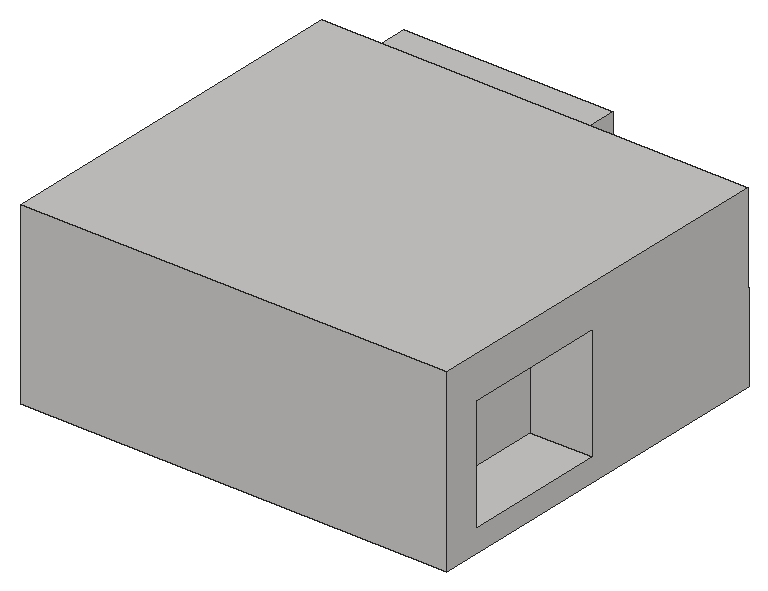
Revit family
Parameters
  Width = 3' - 0 1/8"
  Voltage = 120 V
  Unit Weight = "145.0 lbs"
  UltraLoc Liner = Choose Liner Option = 3  # no
  URL = "http://www.titus-hvac.com/"
  UL = "181"
  Supply Air Flow [instance] = 0 CFM
  SteriLoc Liner = Choose Liner Option = 2  # no
  Primary Air Pressure Drop [instance] = 0.00 in-wg
  Primary Air Flow [instance] = 0 CFM
  Plenum Air Pressure Drop [instance] = 0.00 in-wg
  Plenum Air Flow [instance] = 0 CFM
  Outlet Width = 1' - 2"
  Outlet Vertical Offset = 0' - 1 1/8"
  Outlet Horizontal Offset = 0' - 1 3/8"
  Outlet Height = 0' - 11"
  Number of Poles = 1
  Nominal Width = Width + 0' 6 1/4"  # 3' - 6 3/8"
  Nominal Length = Length + 0' 3 3/8"  # 3' - 8 1/4"
  Nominal Inlet Size = 0' - 6"
  Nominal Height = 1' - 5 1/8"
  NFPA = "90A"
  Motor Full Load Amps = 4 A
  Model = "DTQS"
  Min. Air Flow = 0 CFM
  Max. Air Flow = 0 CFM
  Material = Galvanized Steel
  Manufacturer = "Titus"
  Length = 3' - 4 7/8"
  Juction Box Offset = 0' - 2 7/8"
  Inlet Diameter = Nominal Inlet Size - 0' 0 1/8"  # 0' - 5 7/8"
  Induced Air Inlet Offset = 0' - 4 1/2"
  Induced Air Inlet Width = 1' - 1 1/4"
  Induced Air Inlet Height = 1' - 2 1/2"
  Induced Air Filter = no
  Heating Total Capacity [instance] = 0 Btu/h
  Half Outlet Connection Width = Outlet Width / 2  # 0' - 7"
  Half Outlet Connection Height = Outlet Height / 2  # 0' - 5 1/2"
  Half Height Start = -(Nominal Height / 2)  # -0' - 8 9/16"
  Half Height End = Nominal Height / 2  # 0' - 8 9/16"
  HP-Motor = "1/6"
  Frequency = 60 Hz
  Filter Size = "19\"x17\""
  Fiber Free Liner = Choose Liner Option = 1  # no
  Fan Disconnect Switch = no
  Duct Radius = Nominal Inlet Size / 2  # 0' - 3"
  Description = "Series Fan Powered Terminal Unit, Direct Digital Control, Pressure Independent"
  Connection Void Radius = Connection Radius - 0' 0 1/4"  # 0' - 2 11/16"
  Connection Radius = Inlet Diameter / 2  # 0' - 2 15/16"
  Choose Liner Option = 0
  CADworks URL = "www.CADworks.net"
  Assembly Code = "D3040100"
  Apparent Power = Voltage * Motor Full Load Amps  # 480 VA
  Air Inlet Offset = 0' - 6"
  1/2" Fiberglass Liner = Choose Liner Option = 0  # yes
Reference planes (in)
  plane 1 "Center (Front/Back)": y = 0
  plane 2: z = 0
  plane 3 "Center (Left/Right)": x = 3
  plane 4: x = -17.4375
  plane 5: x = 23.4375
  plane 6: x = -14.5625
  plane 7: x = -20.8125
  plane 8 "Center (Elevation)": z = 0
  plane 9: y = -18.0625
  plane 10: y = 18.0625
  plane 11: y = 12.0625
  plane 12: y = -13.5625
  plane 13: x = -11.4375
  plane 14: x = 17.4375
  plane 15: z = 8.5625
  plane 16: z = -8.5625
  plane 17: y = 24.3125
Forms (in)
  Extrusion 1, solid, material "Galvanized Steel" <- "Material"
    sketch origin (61, -3.76302, 78.80279) x (1, 0, 0) y (0, 1, 0)
      loop
        line (-78.4375, 21.82552) -> (-78.4375, -14.29948) -> (-37.5625, -14.29948) -> (-37.5625, 21.82552) -> (-78.4375, 21.82552)
    from -87.36529 <- "Half Height Start" to -70.24029 <- "Half Height End"
  Extrusion 2, solid, material "Galvanized Steel" <- "Material"
    sketch origin (4.0625, 0, 42) x (1, 0, 0) y (0, 1, 0)
      loop
        line (-18.625, 18.0625) -> (1.375, 18.0625) -> (1.375, 24.3125) -> (-18.625, 24.3125) -> (-18.625, 18.0625)
    from -48 to -36
  Extrusion 3, void
    sketch origin (23.4375, 18.0625, 76.42779) x (0, 1, 0) y (0, 0, -1)
      loop
        line (-18.625, 71.86529) -> (-18.625, 82.86529) -> (-32.625, 82.86529) -> (-32.625, 71.86529) -> (-18.625, 71.86529)
    from 0 to 6
  Extrusion 4, solid, material "Galvanized Steel" <- "Material"
    sketch origin (-24.875, -0.4375, 0) x (0, 0, -1) y (0, 1, 0)
      loop
        circle (0, 12.5) r 2.9375
    from 4.0625 to 7.4375
  Extrusion 5, void
    sketch origin (-24.875, 0, 0) x (0, 1, 0) y (0, 0, 1)
      loop
        circle (12.0625, 0) r 2.6875
    from 4.0625 to 13.4375
  Extrusion 6, void
    sketch origin (-17.4375, -18.0625, 78.67779) x (0, -1, 0) y (0, 0, -1)
      loop
        line (-17.75, 71.49029) -> (-4.5, 71.49029) -> (-4.5, 85.99029) -> (-17.75, 85.99029) -> (-17.75, 71.49029)
    from 0 to 6
Cuts and joins
  Extrusion 3, Extrusion 5, Extrusion 6 cuts Extrusion 1
  Extrusion 5 cuts Extrusion 4
Dimensions and locks (in)
  "Length": plane 5 to plane 4
  equal spacing: plane 5, plane 3 "Center (Left/Right)", plane 4
  locked: Extrusion 2 to plane 6 at 0
  locked: Extrusion 2 to Extrusion 2 at 20
  "Juction Box Offset": plane 6 to plane 4
  "Outlet Height": Extrusion 3 sketch curve to Extrusion 3 sketch curve
  "Outlet Width": Extrusion 3 sketch curve to Extrusion 3 sketch curve
  locked: plane 4 to plane 7 at 3.375
  "Width": plane 9 to plane 10
  equal spacing: plane 9, plane 1 "Center (Front/Back)", plane 10
  locked: Extrusion 4 sketch curve to level at 0
  locked: Extrusion 4 sketch curve to plane 11 at 0
  locked: Extrusion 5 sketch curve to level at 0
  locked: Extrusion 5 sketch curve to plane 11 at 0
  locked: Extrusion 2 to Extrusion 2 at 6.25
  "Air Inlet Offset": plane 10 to plane 11
  locked: Extrusion 2 to plane 10 at 0
  locked: cut or joined group of Extrusion 4, Extrusion 5 to plane 7 at 0
  locked: cut or joined group of Extrusion 4, Extrusion 5 to cut or joined group of Extrusion 4, Extrusion 5 at 3.375
  "Induced Air Inlet Offset": plane 9 to plane 12
  "Induced Air Inlet Width": Extrusion 6 sketch curve to Extrusion 6 sketch curve
  "Induced Air Inlet Height": Extrusion 6 sketch curve to Extrusion 6 sketch curve
  "Induced Air Inlet Offset": Extrusion 6 sketch curve to plane 9
  locked: plane 9 to Extrusion 3 sketch curve at 3.5
  cut or joined group of Extrusion 1, Extrusion 3, Extrusion 5, Extrusion 6 to Extrusion 6 sketch curve = 0' - 1 3/8"
  cut or joined group of Extrusion 1, Extrusion 3, Extrusion 5, Extrusion 6 to Extrusion 3 sketch curve = 0' - 2 1/8"
  locked: Extrusion 2 to Extrusion 2 at 12
  equal spacing: Extrusion 2, level, Extrusion 2
  locked: cut or joined group of Extrusion 1, Extrusion 3, Extrusion 5, Extrusion 6 to cut or joined group of Extrusion 1, Extrusion 3, Extrusion 5, Extrusion 6 at 17.125
  equal spacing: cut or joined group of Extrusion 1, Extrusion 3, Extrusion 5, Extrusion 6, level, cut or joined group of Extrusion 1, Extrusion 3, Extrusion 5, Extrusion 6
  locked: plane 4 to plane 13 at 6
  locked: plane 14 to plane 5 at 6
  plane 15 to Extrusion 2 = 0' - 2 9/16"
  "Connection Radius": radius of Extrusion 4 sketch curve
  "Connection Void Radius": radius of Extrusion 5 sketch curve
  aligned and locked: cut or joined group of Extrusion 1, Extrusion 3, Extrusion 5, Extrusion 6 to plane 10
  aligned and locked: plane 9 to cut or joined group of Extrusion 1, Extrusion 3, Extrusion 5, Extrusion 6
  aligned and locked: plane 5 to cut or joined group of Extrusion 1, Extrusion 3, Extrusion 5, Extrusion 6
  aligned and locked: cut or joined group of Extrusion 1, Extrusion 3, Extrusion 5, Extrusion 6 to plane 4
  aligned and locked: Extrusion 3 to plane 14
  aligned and locked: plane 13 to Extrusion 6
  aligned and locked: Extrusion 6 to Extrusion 5
Automatic sketch dimensions
  plane 4 to Extrusion 1 sketch curve = 0' - 0"
  plane 5 to Extrusion 1 sketch curve = 0' - 0"
  plane 9 to Extrusion 1 sketch curve = 0' - 0"
  plane 10 to Extrusion 1 sketch curve = 0' - 0"
  Extrusion 2 sketch curve to plane 6 = 0' - 0"
  Extrusion 2 sketch curve to plane 10 = 0' - 0"
  plane 3 "Center (Left/Right)" to Extrusion 2 sketch curve = 0' - 2 7/16"
  Extrusion 2 sketch curve to plane 10 = 0' - 6 1/4"
Connectors (in)
  electrical at (-4.5625, 24.3125, 0), driven by "Apparent Power", driven by "Voltage", driven by "Number of Poles"
    settings: on Extrusion 2, index 8
  hvac at (-20.8125, 12.0625, 0), driven by "Primary Air Flow", driven by "Duct Radius", driven by "Primary Air Pressure Drop"
    settings: on cut or joined group of Extrusion 4, Extrusion 5, index 9
  hvac at (-17.4375, -6.9375, -0.0625), driven by "Induced Air Inlet Width", driven by "Induced Air Inlet Height", driven by "Plenum Air Pressure Drop", driven by "Plenum Air Flow"
    settings: on cut or joined group of Extrusion 1, Extrusion 3, Extrusion 5, Extrusion 6, index 14
  hvac at (23.4375, -7.5625, -0.9375), driven by "Supply Air Flow", driven by "Outlet Width", driven by "Outlet Height"
    settings: on cut or joined group of Extrusion 1, Extrusion 3, Extrusion 5, Extrusion 6, index 15
